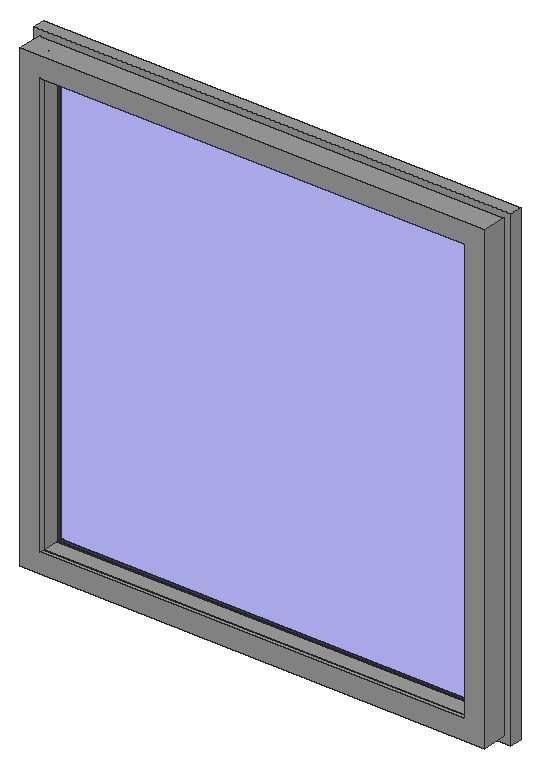
Revit family "ZS-2750 OCCW", category Windows, host Wall, Revit 2015
Parameters
  Wall Thickness [instance] = 0' - 6"
  URL = "obe.com"
  Rough Width = Width + 0' 0 1/4"  # 3' - 0 1/4"
  Rough Height = Height + 0' 0 1/4"  # 3' - 0 1/4"
  Offset Limitation [instance] = if((Offset + 0' 3 1/64") > Wall Thickness, (Wall Thickness - 0' 3 1/64"), Offset)  # 0' - 0"
  Offset [instance] = 0' - 0"
  Model = "ZS-2750 OCCW"
  Manufacturer = "Oldcastle BuildingEnvelope®"
  Keynote = "08 51 00"
  Height = 3' - 0"
  Glass Material = Glass
  Gasket Material = Gasket
  Frame Material = Aluminum
  Description = "ZERO SIGHTLINE 2750"
  Default Sill Height = 3' - 0"
  Wall Closure = By host
  Width = 3' - 0"
  Construction Type = ""
  Assembly Code = "B2020"
Reference planes (in)
  plane 1 "Center (Front/Back)": y = 0
  plane 2: z = 0
  plane 3 "Center (Left/Right)": x = 0
  plane 4 "Left": x = -18.125
  plane 5 "Right": x = 18.125
  plane 6 "Sill": z = 36
  plane 7 "Top": z = 72.25
  plane 8: x = 18
  plane 9: x = -18
  plane 10: z = 72.125
  plane 11: z = 36.125
  plane 12 "Offset": y = 3
  plane 13: z = 36.656875
  plane 14: z = 71.593125
  plane 15: z = 54.125
Forms (in)
  Sweep 1, solid, material "Aluminum" <- "Frame Material"
    path origin (0, 3, 0) x (-1, 0, 0) y (0, 0, 1)
      loop
        line (18, 72.7495) -> (18, 35.5005)
    profile origin (-18, 3, 54.125) x (0, 1, 0) y (-1, 0, 0)
      loop
        line (-3.0158393, 0.125) -> (-3.0158393, -1.389875) -> (-2.6138393, -1.389875) -> (-2.6138393, -0.281) -> (-1.6408393, -0.281) -> (-0.9042011, 0.0625) -> (-0.1248393, 0.0625) -> (-0.1248393, 0.6245) -> (-1.0938393, 0.6245) -> (-1.0938393, 0.125) -> (-3.0158393, 0.125)
  Sweep 2, solid, material "Aluminum" <- "Frame Material"
    path origin (0, 3, 0) x (1, 0, 0) y (0, 0, 1)
      loop
        line (18, 72.7495) -> (18, 35.5005)
    profile origin (18, 3, 54.125) x (0, 1, 0) y (-1, 0, 0)
      loop
        line (-3.0158393, -0.125) -> (-1.0938393, -0.125) -> (-1.0938393, -0.6245) -> (-0.1248393, -0.6245) -> (-0.1248393, -0.0625) -> (-0.9042011, -0.0625) -> (-1.6408393, 0.281) -> (-2.6138393, 0.281) -> (-2.6138393, 1.389875) -> (-3.0158393, 1.389875) -> (-3.0158393, -0.125)
  Sweep 3, solid, material "Aluminum" <- "Frame Material"
    path origin (0, 3, 0) x (-1, 0, 0) y (0, 0, 1)
      loop
        line (-18.625, 72.125) -> (18.625, 72.125)
    profile origin (0, 3, 72.125) x (0, 0, 1) y (0, 1, 0)
      loop
        line (0.125, -3.0158393) -> (0.125, -1.0938393) -> (0.6245, -1.0938393) -> (0.6245, -0.1248393) -> (0.0625, -0.1248393) -> (0.0625, -0.9042011) -> (-0.2813401, -1.6415686) -> (-0.2813401, -2.6138393) -> (-1.389875, -2.6138393) -> (-1.389875, -3.0158393) -> (0.125, -3.0158393)
  Sweep 4, solid, material "Aluminum" <- "Frame Material"
    path origin (0, 3, 127.7706855) x (-1, 0, 0) y (0, 0, -1)
      loop
        line (-18.625, 91.6456855) -> (18.625, 91.6456855)
    profile origin (0, 3, 36.125) x (0, 0, 1) y (0, 1, 0)
      loop
        line (-0.125, -3.0158393) -> (1.389875, -3.0158393) -> (1.389875, -2.6138393) -> (0.281, -2.6138393) -> (0.281, -1.6408393) -> (-0.0625, -0.9042011) -> (-0.0625, -0.1248393) -> (-0.6245, -0.1248393) -> (-0.6245, -1.0938393) -> (-0.125, -1.0938393) -> (-0.125, -3.0158393)
  Extrusion 5, solid, material "Glass" <- "Glass Material", detail levels coarse
    sketch origin (0, 0, 36) x (0, -1, 0) y (1, 0, 0)
      loop
        line (-2, 17.468125) -> (-3, 17.468125) -> (-3, -17.468125) -> (-2, -17.468125) -> (-2, 17.468125)
    from 0.656875 to 35.593125
  Sweep 6, solid, material "Gasket" <- "Gasket Material", detail levels fine
    path origin (0, 3, 0) x (-1, 0, 0) y (0, 0, 1)
      loop
        line (-16.610125, 70.735125) -> (-16.610125, 37.514875) -> (16.610125, 37.514875) -> (16.610125, 70.735125) -> (-16.610125, 70.735125)
    profile origin (0, 3, 70.735125) x (0, 0, 1) y (0, 1, 0)
      loop
        line (-0.0099489, -1.25) -> (0.2780511, -1.25) -> (0.1436625, -1.0155)
        arc (0.1436625, -1.0155) -> (0.1323157, -1.0041532) -> (0.1168157, -1) r 0.031
        line (0.1168157, -1) -> (-0.0319113, -1)
        arc (-0.0319113, -1) -> (-0.0556117, -1.0110177) -> (-0.0624653, -1.0362393) r 0.031
        line (-0.0624653, -1.0362393) -> (-0.0498891, -1.2903615)
        arc (-0.0498891, -1.2903615) -> (-0.0357439, -1.312194) -> (-0.0099489, -1.3155644) r 0.031
        line (-0.0099489, -1.3155644) -> (-0.0099489, -1.25)
  Sweep 7, solid, material "Aluminum" <- "Frame Material"
    path origin (0, 3, 0) x (-1, 0, 0) y (0, 0, 1)
      loop
        line (-18.0625, 72.25) -> (18.0625, 72.25)
    profile origin (0, 3, 72.25) x (0, 0, 1) y (0, 1, 0)
      loop
        line (-0.281875, 0) -> (-0.656875, 0) -> (-0.656875, -1.25493) -> (-1.514875, -1.25493) -> (-1.514875, -2.6138393) -> (-0.4063401, -2.6138393) -> (-0.4063401, -1.6415686) -> (-0.0625, -0.9042011) -> (-0.0625, -0.1248393) -> (-0.281875, -0.1248393) -> (-0.281875, 0)
  Sweep 8, solid, material "Aluminum" <- "Frame Material"
    path origin (0, 3, 0) x (-1, 0, 0) y (0, 0, 1)
      loop
        line (-18.0625, 36) -> (18.0625, 36)
    profile origin (0, 3, 36) x (0, 0, 1) y (0, 1, 0)
      loop
        line (0.281875, 0) -> (0.281875, -0.1248393) -> (0.0625, -0.1248393) -> (0.0625, -0.9042011) -> (0.406, -1.6408393) -> (0.406, -2.6138393) -> (1.514875, -2.6138393) -> (1.514875, -1.25493) -> (0.656875, -1.25493) -> (0.656875, 0) -> (0.281875, 0)
  Sweep 9, solid, material "Aluminum" <- "Frame Material"
    path origin (0, 3, 0) x (-1, 0, 0) y (0, 0, 1)
      loop
        line (18.125, 72.1875) -> (18.125, 36.0625)
    profile origin (-18.125, 3, 54.125) x (0, 1, 0) y (-1, 0, 0)
      loop
        line (0, -0.656875) -> (0, -0.281875) -> (-0.1248393, -0.281875) -> (-0.1248393, -0.0625) -> (-0.9042011, -0.0625) -> (-1.6408393, -0.406) -> (-2.6138393, -0.406) -> (-2.6138393, -1.514875) -> (-1.25493, -1.514875) -> (-1.25493, -0.656875) -> (0, -0.656875)
  Sweep 10, solid, material "Aluminum" <- "Frame Material"
    path origin (0, 3, 0) x (-1, 0, 0) y (0, 0, 1)
      loop
        line (-18.125, 36.0625) -> (-18.125, 72.1875)
    profile origin (18.125, 3, 54.125) x (1, 0, 0) y (0, 1, 0)
      loop
        line (-1.514875, -1.25493) -> (-1.514875, -2.6138393) -> (-0.406, -2.6138393) -> (-0.406, -1.6408393) -> (-0.0625, -0.9042011) -> (-0.0625, -0.1248393) -> (-0.281875, -0.1248393) -> (-0.281875, 0) -> (-0.656875, 0) -> (-0.656875, -1.25493) -> (-1.514875, -1.25493)
  Extrusion 11, solid, material "Glass" <- "Glass Material", detail levels medium+fine
    sketch origin (0, 0, 36) x (0, -1, 0) y (1, 0, 0)
      loop
        line (-3, -17.468125) -> (-2.75, -17.468125) -> (-2.75, 17.468125) -> (-3, 17.468125) -> (-3, -17.468125)
      loop
        line (-2.2373, -17.468125) -> (-2, -17.468125) -> (-2, 17.468125) -> (-2.2373, 17.468125) -> (-2.2373, -17.468125)
    from 0.656875 to 35.593125
  Sweep 12, void
    path origin (0, 3, 0) x (-1, 0, 0) y (0, 0, 1)
      loop
        line (18.125, 72.25) -> (-18.125, 72.25) -> (-18.125, 36) -> (18.125, 36) -> (18.125, 72.25)
    profile origin (0, 3, 72.25) x (0, 0, -1) y (0, 1, 0)
      loop
        line (0, -1.0938393) -> (-0.4995, -1.0938393) -> (-0.4995, -3.0158393) -> (0, -3.0158393) -> (0, -1.0938393)
  Sweep 13, void
    path origin (0, 3, 0) x (-1, 0, 0) y (0, 0, 1)
      loop
        line (18.125, 72.25) -> (-18.125, 72.25) -> (-18.125, 36) -> (18.125, 36) -> (18.125, 72.25)
    profile origin (0, 3, 72.25) x (0, 0, -1) y (0, 1, 0)
      loop
        line (0.281875, -0.1248393) -> (0.281875, 0) -> (0.0625, 0) -> (0.0625, -0.1248393) -> (0.281875, -0.1248393)
Cuts and joins
  Sweep 12 cuts Sweep 1
  Sweep 12 cuts Sweep 2
  Sweep 12 cuts Sweep 3
  Sweep 12 cuts Sweep 4
  joined: Sweep 1, Sweep 2, Sweep 3, Sweep 4
  Sweep 13 cuts Sweep 7
  Sweep 13 cuts Sweep 8
  Sweep 13 cuts Sweep 9
  Sweep 13 cuts Sweep 10
  joined: Sweep 7, Sweep 8, Sweep 9, Sweep 10
Lines and regions (in)
  Opening 1
    outline origin (-60, -3, 0) x (1, 0, 0) y (0, 0, 1)
      loop
        line (41.875, 72.25) -> (41.875, 36) -> (78.125, 36) -> (78.125, 72.25) -> (41.875, 72.25)
  model lines, style "Opening Direction"
    curve 1: line (16.5470135, 3, 70.6720137) -> (-16.610125, 3, 54.125)
    curve 2: line (-16.610125, 3, 54.125) -> (16.610125, 3, 37.514875)
Text (in)
  text "EXTERIOR" at (-58.6887958, 50.9069435, 0), in view "Ref. Level"
  text "INTERIOR" at (-58.6887958, -52.7663834, 0), in view "Ref. Level"
  text "Exterior" at (0, 43.6563107, 123.1960383), in view "Left"
  text "Exterior" at (0, 18.2938457, 125.0474676), in view "Right"
Dimensions and locks (in)
  equal spacing: plane 4 "Left", plane 3 "Center (Left/Right)", plane 5 "Right"
  "Rough Width": plane 4 "Left" to plane 5 "Right"
  "Rough Height": plane 6 "Sill" to plane 7 "Top"
  "Default Sill Height": plane 2 to plane 6 "Sill"
  locked: plane 6 "Sill" to plane 11 at 0.125
  locked: plane 8 to plane 5 "Right" at 0.125
  "Height": plane 11 to plane 10
  "Width": plane 9 to plane 8
  "Wall Thickness": host wall to host wall
  "Offset Limitation": host wall to plane 12 "Offset"
  locked: plane 14 to plane 10 at 0.531875
  locked: plane 11 to plane 13 at 0.531875
  plane 12 "Offset" to Extrusion 5 sketch curve to Extrusion 5 sketch curve = 0' - 0" locked, 0' - 1" locked
  locked: plane 7 "Top" to Sweep 1 sketch curve at 0.4995
  locked: Sweep 1 sketch curve to plane 6 "Sill" at 0.4995
  locked: Sweep 2 sketch curve to plane 6 "Sill" at 0.4995
  equal spacing: plane 6 "Sill", plane 15, plane 7 "Top"
  locked: plane 12 "Offset" to Extrusion 11 sketch curve at 0.25
  plane 12 "Offset" to Extrusion 11 sketch curve to Extrusion 11 sketch curve = 0' - 0.7627" locked, 0' - 0.2373" locked
  locked: plane 7 "Top" to Sweep 2 sketch curve at 0.4995
  locked: plane 5 "Right" to Sweep 3 sketch curve at 0.5
  locked: Sweep 3 sketch curve to plane 4 "Left" at 0.5
  locked: Sweep 4 sketch curve to plane 4 "Left" at 0.5
  locked: plane 5 "Right" to Sweep 4 sketch curve at 0.5
  locked: Sweep 7 sketch curve to plane 5 "Right" at 0.0625
  locked: plane 4 "Left" to Sweep 7 sketch curve at 0.0625
  locked: Sweep 8 sketch curve to plane 5 "Right" at 0.0625
  locked: plane 4 "Left" to Sweep 8 sketch curve at 0.0625
  locked: plane 6 "Sill" to Sweep 9 sketch curve at 0.0625
  locked: Sweep 9 sketch curve to plane 7 "Top" at 0.0625
  locked: plane 6 "Sill" to Sweep 10 sketch curve at 0.0625
  locked: Sweep 10 sketch curve to plane 7 "Top" at 0.0625
  aligned and locked: plane 7 "Top" to Opening 1 sketch curve
  aligned and locked: plane 6 "Sill" to Opening 1 sketch curve  (x2)
  aligned and locked: plane 5 "Right" to Opening 1 sketch curve
  aligned and locked: plane 4 "Left" to Opening 1 sketch curve
  aligned and locked: level to plane 2
  aligned and locked: Sweep 1 sketch curve to plane 9
  aligned and locked: Sweep 2 sketch curve to plane 8
  aligned and locked: plane 10 to Sweep 3 sketch curve
  aligned and locked: plane 11 to Sweep 4 sketch curve
  aligned and locked: plane 14 to Extrusion 5
  aligned and locked: Extrusion 5 to plane 13
  aligned and locked: plane 7 "Top" to Sweep 7 sketch curve
  aligned and locked: plane 6 "Sill" to Sweep 8 sketch curve
  aligned and locked: Sweep 9 sketch curve to plane 4 "Left"
  aligned and locked: plane 5 "Right" to Sweep 10 sketch curve
  aligned and locked: plane 15 to curve 2
  aligned and locked: Extrusion 11 to plane 13
  aligned and locked: plane 14 to Extrusion 11
  aligned and locked: Sweep 12 sketch curve to plane 7 "Top"
  aligned and locked: Sweep 12 sketch curve to plane 4 "Left"
  aligned and locked: Sweep 12 sketch curve to plane 6 "Sill"
  aligned and locked: Sweep 12 sketch curve to plane 5 "Right"
  aligned and locked: Sweep 13 sketch curve to plane 7 "Top"
  aligned and locked: Sweep 13 sketch curve to plane 4 "Left"
  aligned and locked: Sweep 13 sketch curve to plane 6 "Sill"
  aligned and locked: Sweep 13 sketch curve to plane 5 "Right"
Automatic sketch dimensions
  Sweep 4 sketch curve to plane 12 "Offset" = 0' - 1.09384"
  plane 8 to Extrusion 5 sketch curve = 0' - 0.53188"
  Extrusion 5 sketch curve to plane 9 = 0' - 0.53187"
  profile plane to Sweep 6 sketch curve = 0' - 0.06247"
  profile plane to Sweep 6 sketch curve = 0' - 0.04989"
  profile plane to Sweep 6 sketch curve = 0' - 0.03191"
  profile plane to Sweep 6 sketch curve = 0' - 0.0192"
  profile plane to Sweep 6 sketch curve = 0' - 0.00995"
  Sweep 6 sketch curve to profile plane = 0' - 0.11682"
  Sweep 6 sketch curve to plane 12 "Offset" = 0' - 1.31556"
  Sweep 6 sketch curve to Sweep 6 sketch curve = 0' - 0.0252"
  Sweep 6 sketch curve to Sweep 6 sketch curve = 0' - 0.03598"
  Sweep 6 sketch curve to Sweep 6 sketch curve = 0' - 0.21376"
  Sweep 6 sketch curve to Sweep 6 sketch curve = 0' - 0.00524"
  Sweep 6 sketch curve to Sweep 6 sketch curve = 0' - 0.031"
  Sweep 6 sketch curve to Sweep 6 sketch curve = 0' - 0.02685"
  Sweep 6 sketch curve to profile plane = 0' - 0.27805"
  Sweep 2 sketch curve to plane 12 "Offset" = 0' - 1.09384"
  Sweep 2 sketch curve to Sweep 2 sketch curve = 0' - 0.402"
  Sweep 2 sketch curve to Sweep 2 sketch curve = 0' - 1.10887"
  Sweep 1 sketch curve to plane 12 "Offset" = 0' - 2.61384"
  Sweep 1 sketch curve to Sweep 1 sketch curve = 0' - 0.402"
  Sweep 1 sketch curve to Sweep 1 sketch curve = 0' - 1.10887"
  Sweep 1 sketch curve to Sweep 1 sketch curve = 0' - 0.973"
  Sweep 4 sketch curve to Sweep 4 sketch curve = 0' - 0.402"
  Sweep 4 sketch curve to Sweep 4 sketch curve = 0' - 1.10887"
  Sweep 8 sketch curve to plane 12 "Offset" = 0' - 0"
  Sweep 8 sketch curve to plane 12 "Offset" = 0' - 1.25493"
  Sweep 7 sketch curve to plane 12 "Offset" = 0' - 0"
  profile plane to Sweep 7 sketch curve = 0' - 1.51488"
  Sweep 7 sketch curve to plane 12 "Offset" = 0' - 1.25493"
  Sweep 10 sketch curve to plane 12 "Offset" = 0' - 0"
  Sweep 10 sketch curve to Sweep 10 sketch curve = 0' - 1.10887"
  profile plane to Sweep 10 sketch curve = 0' - 0.28187"
  profile plane to Sweep 7 sketch curve = 0' - 0.28188"
  plane 8 to Sweep 6 sketch curve = 0' - 1.38987"
  Sweep 6 sketch curve to plane 9 = 0' - 1.38987"
  plane 13 to Sweep 6 sketch curve = 0' - 0.858"
  Sweep 6 sketch curve to plane 14 = 0' - 0.858"
  Sweep 4 sketch curve to profile plane = 0' - 0.281"
  Sweep 4 sketch curve to Sweep 4 sketch curve = 0' - 1.52"
  Sweep 4 sketch curve to Sweep 4 sketch curve = 0' - 0.547"
  profile plane to Sweep 4 sketch curve = 0' - 0.6245"
  profile plane to Sweep 4 sketch curve = 0' - 0 1/8"
  Sweep 4 sketch curve to plane 12 "Offset" = 0' - 0.12484"
  profile plane to Sweep 4 sketch curve = 0' - 0 1/16"
  Sweep 4 sketch curve to Sweep 4 sketch curve = 0' - 0.18964"
  Sweep 1 sketch curve to Sweep 1 sketch curve = 0' - 0.547"
  Sweep 1 sketch curve to profile plane = 0' - 0.6245"
  Sweep 1 sketch curve to plane 12 "Offset" = 0' - 0.12484"
  Sweep 1 sketch curve to profile plane = 0' - 0 1/8"
  Sweep 1 sketch curve to profile plane = 0' - 0 1/16"
  Sweep 1 sketch curve to Sweep 1 sketch curve = 0' - 0.18964"
  profile plane to Sweep 1 sketch curve = 0' - 0.281"
  Sweep 2 sketch curve to Sweep 2 sketch curve = 0' - 1.52"
  Sweep 2 sketch curve to Sweep 2 sketch curve = 0' - 0.547"
  Sweep 2 sketch curve to Sweep 2 sketch curve = 0' - 0.18964"
  Sweep 2 sketch curve to profile plane = 0' - 0.281"
  Sweep 2 sketch curve to plane 12 "Offset" = 0' - 0.12484"
  Sweep 2 sketch curve to Sweep 2 sketch curve = 0' - 0.562"
  profile plane to Sweep 2 sketch curve = 0' - 0 1/16"
  profile plane to Sweep 2 sketch curve = 0' - 0 1/8"
  plane 8 to curve 2 = 0' - 1.38987"
  plane 8 to curve 1 = 0' - 1.45299"
  curve 2 to plane 9 = 0' - 1.38987"
  plane 13 to curve 2 = 0' - 0.858"
  curve 1 to plane 14 = 0' - 0.92111"
  Extrusion 11 sketch curve to plane 12 "Offset" = 0' - 0"
  Extrusion 11 sketch curve to plane 9 = 0' - 0.53187"  (x2)
  plane 8 to Extrusion 11 sketch curve = 0' - 0.53188"  (x2)
  Sweep 7 sketch curve to plane 12 "Offset" = 0' - 0.12484"
  profile plane to Sweep 7 sketch curve = 0' - 0 1/16"
  Sweep 7 sketch curve to Sweep 7 sketch curve = 0' - 0.77936"
  profile plane to Sweep 7 sketch curve = 0' - 0.40634"
  Sweep 7 sketch curve to Sweep 7 sketch curve = 0' - 0 3/8"
  Sweep 7 sketch curve to Sweep 7 sketch curve = 0' - 0.38664"
  Sweep 7 sketch curve to Sweep 7 sketch curve = 0' - 0.97227"
  profile plane to Sweep 3 sketch curve = 0' - 1.38988"
  profile plane to Sweep 3 sketch curve = 0' - 0.28134"
  Sweep 3 sketch curve to profile plane = 0' - 0 1/16"
  Sweep 3 sketch curve to profile plane = 0' - 0 1/8"
  Sweep 3 sketch curve to plane 12 "Offset" = 0' - 0.12484"
  Sweep 3 sketch curve to Sweep 3 sketch curve = 0' - 0.562"
  Sweep 3 sketch curve to Sweep 3 sketch curve = 0' - 0.77936"
  Sweep 3 sketch curve to Sweep 3 sketch curve = 0' - 0.18964"
  Sweep 3 sketch curve to Sweep 3 sketch curve = 0' - 0.54773"
  Sweep 3 sketch curve to Sweep 3 sketch curve = 0' - 0.97227"
  Sweep 3 sketch curve to Sweep 3 sketch curve = 0' - 0.402"
  Sweep 8 sketch curve to profile plane = 0' - 0.406"
  Sweep 8 sketch curve to Sweep 8 sketch curve = 0' - 1.35891"
  Sweep 8 sketch curve to plane 12 "Offset" = 0' - 0.12484"
  Sweep 8 sketch curve to profile plane = 0' - 0 1/16"
  Sweep 8 sketch curve to Sweep 8 sketch curve = 0' - 0.77936"
  Sweep 8 sketch curve to Sweep 8 sketch curve = 0' - 0.21938"
  Sweep 8 sketch curve to Sweep 8 sketch curve = 0' - 0 3/8"
  Sweep 8 sketch curve to Sweep 8 sketch curve = 0' - 1.10888"
  Sweep 8 sketch curve to Sweep 8 sketch curve = 0' - 0.38591"
  Sweep 9 sketch curve to plane 12 "Offset" = 0' - 0"
  Sweep 9 sketch curve to plane 12 "Offset" = 0' - 0.12484"
  profile plane to Sweep 9 sketch curve = 0' - 0 1/16"
  Sweep 9 sketch curve to Sweep 9 sketch curve = 0' - 0.77936"
  Sweep 9 sketch curve to plane 12 "Offset" = 0' - 1.25493"
  Sweep 9 sketch curve to Sweep 9 sketch curve = 0' - 0.38591"
  Sweep 9 sketch curve to Sweep 9 sketch curve = 0' - 0.973"
  Sweep 9 sketch curve to Sweep 9 sketch curve = 0' - 0.21938"
  profile plane to Sweep 9 sketch curve = 0' - 0.406"
  Sweep 9 sketch curve to Sweep 9 sketch curve = 0' - 0 3/8"
  Sweep 9 sketch curve to Sweep 9 sketch curve = 0' - 1.10887"
  Sweep 10 sketch curve to Sweep 10 sketch curve = 0' - 0 3/8"
  Sweep 10 sketch curve to Sweep 10 sketch curve = 0' - 1.35891"
  Sweep 10 sketch curve to Sweep 10 sketch curve = 0' - 1.13009"
  Sweep 10 sketch curve to plane 12 "Offset" = 0' - 0.12484"
  profile plane to Sweep 10 sketch curve = 0' - 0 1/16"
  Sweep 10 sketch curve to Sweep 10 sketch curve = 0' - 0.77936"
  profile plane to Sweep 10 sketch curve = 0' - 0.406"
  Sweep 10 sketch curve to Sweep 10 sketch curve = 0' - 1.516"
  Sweep 12 sketch curve to plane 12 "Offset" = 0' - 1.09384"
  profile plane to Sweep 12 sketch curve = 0' - 0.4995"
  Sweep 12 sketch curve to Sweep 12 sketch curve = 0' - 1.922"
  Sweep 12 sketch curve to profile plane = 0' - 0"
  Sweep 13 sketch curve to plane 12 "Offset" = 0' - 0.12484"
  Sweep 13 sketch curve to profile plane = 0' - 0.28188"
  Sweep 13 sketch curve to profile plane = 0' - 0 1/16"
  Sweep 13 sketch curve to plane 12 "Offset" = 0' - 0"
